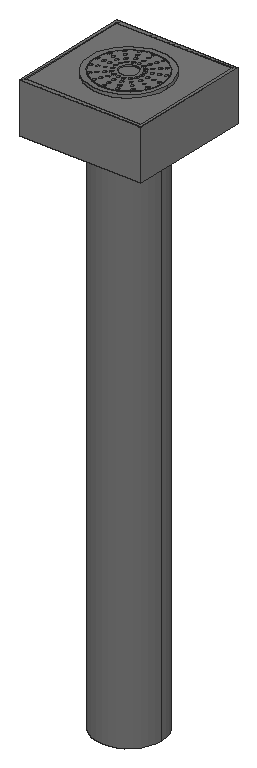
Revit family "Civil_Drainage_ACO_StormBrixx_Additional_Inspection_Point wm", category Generic Models, Revit 2013
Parameters
  piping = ACO_Plastic_Black
  e-mail technical = "technical@aco.co.uk"
  e-mail Sales = "customersupport@aco.co.uk"
  Watermarked With = "BIM Manager Premium Suite"
  Watermarked By = "www.aco.co.uk"
  Watermark 1 = "This file is the property of ACO Technologies PLC"
  Watermark 2 = "This file is water marked and users are prohibited to reproduce, adapt, distribute this information"
  Manufacturer Address = "ACO Business Park, Hitchin Road, Shefford, Bedfordshire, SG17 5TE, United Kingdom"
  Inspection Cover Weight (kg) = 52
  URL = "www.aco.co.uk"
  Type Comments = Model  # "Inspection Point Module"
  Telephone = "+44 (0)1462 816666"
  Inspection Cover Recycled Material Content = "Between 40% - 90%"
  Inspection Cover Recyclable = "Fully Recyclable"
  Product Website = "www.stormbrixx.co.uk"
  Product Type = "Stormwater attenuation & infiltration"
  Product Range = "ACO StormBrixx"
  Inspection Cover Product Code = "314045"
  Model = "Inspection Point Module"
  Inspection Cover Material = "Ductile Iron"
  Manufacturer = "ACO Technologies plc"
  Maintenance Guidelines = "http://www.aco.co.uk/download.php?id=493"
  Length = 600 mm
  Keynote = "R17:315"
  Installation Guidelines = "http://www.aco.co.uk/download.php?id=493"
  Inspection Cover Dimensions = "410mm x 410mm x 180mm (L x W x H)"
  Inspection Cover Colour = "Black"
  Inspection Connector Weight (kg) = 2.5
  Inspection Connector Recycled Material Content = "0%"
  Inspection Connector Recyclable = "Fully Recyclable"
  Inspection Connector Product Code = 27018
  Inspection Connector Material = "Polypropylene"
  Height [instance] = 2000 mm
  Fax = "+44 (0)1462 815895"
  Inspection Connector Dimensions = "600mm x 600mm x 200mm (L x W x H)"
  Distributed by = "www.aco.co.uk"
  Description = "Inspection Point Module"
  Depth = 180 mm
  Current Revision = 1
  Cost = 0
  Inspection Connector Colour = "Black"
  Assembly Code = "D2090300"
Reference planes
  plane 1 "Center (Front/Back)": y = 0
  plane 2: z = 0
  plane 3 "Center (Left/Right)": x = 0
  plane 4: y = 300
  plane 5: y = -300
  plane 6: x = -300
  plane 7: x = 300
  plane 8: z = -2000
  plane 9: z = -180
  plane 10: z = -10
  plane 11: z = -35
Forms (mm)
  Extrusion 1, solid, material "ACO_Ductile_IRON"
    sketch origin (0, 0, 0) x (1, 0, 0) y (0, 1, 0)
      loop
        line (-205, 205) -> (-205, -205) -> (205, -205) -> (205, 205) -> (-205, 205)
    from -180 to -10
  Extrusion 2, solid, material "ACO_Ductile_IRON"
    sketch origin (0, 0, 0) x (1, 0, 0) y (0, 1, 0)
      loop
        circle (0, 0) r 112.5
    from -35 to 0
  Extrusion 3, solid, material "ACO_Ductile_IRON"
    sketch origin (0, 0, 0) x (1, 0, 0) y (0, 1, 0)
      loop
        circle (0, 0) r 130.5
      loop
        circle (0, 0) r 113.53
    from 0 to -10
  Extrusion 4, void, detail levels medium+fine
    sketch origin (0, 0, 0) x (0, 1, 0) y (1, 0, 0)
      loop
        circle (104.746, 0) r 5
      loop
        circle (84.746, 0) r 5
      loop
        circle (64.746, 0) r 5
      loop
        circle (44.746, 0) r 5
      loop
        circle (0, 0) r 30
      loop
        circle (0, -104.746) r 5
      loop
        circle (0, -84.746) r 5
      loop
        circle (0, -64.746) r 5
      loop
        circle (0, -44.746) r 5
      loop
        circle (-104.746, 0) r 5
      loop
        circle (-84.746, 0) r 5
      loop
        circle (-64.746, 0) r 5
      loop
        circle (-44.746, 0) r 5
      loop
        circle (0, 104.746) r 5
      loop
        circle (0, 84.746) r 5
      loop
        circle (0, 64.746) r 5
      loop
        circle (0, 44.746) r 5
      loop
        circle (74.067, 74.067) r 5
      loop
        circle (59.924, 59.924) r 5
      loop
        circle (45.782, 45.782) r 5
      loop
        circle (31.64, 31.64) r 5
      loop
        circle (96.773, 40.085) r 5
      loop
        circle (78.295, 32.431) r 5
      loop
        circle (59.817, 24.777) r 5
      loop
        circle (41.34, 17.124) r 5
      loop
        circle (40.085, 96.773) r 5
      loop
        circle (32.431, 78.295) r 5
      loop
        circle (24.777, 59.817) r 5
      loop
        circle (17.124, 41.34) r 5
      loop
        circle (74.067, -74.067) r 5
      loop
        circle (59.924, -59.924) r 5
      loop
        circle (45.782, -45.782) r 5
      loop
        circle (31.64, -31.64) r 5
      loop
        circle (96.773, -40.085) r 5
      loop
        circle (78.295, -32.431) r 5
      loop
        circle (59.817, -24.777) r 5
      loop
        circle (41.34, -17.124) r 5
      loop
        circle (40.085, -96.773) r 5
      loop
        circle (32.431, -78.295) r 5
      loop
        circle (24.777, -59.817) r 5
      loop
        circle (17.124, -41.34) r 5
      loop
        circle (-74.067, -74.067) r 5
      loop
        circle (-59.924, -59.924) r 5
      loop
        circle (-45.782, -45.782) r 5
      loop
        circle (-31.64, -31.64) r 5
      loop
        circle (-96.773, -40.085) r 5
      loop
        circle (-78.295, -32.431) r 5
      loop
        circle (-59.817, -24.777) r 5
      loop
        circle (-41.34, -17.124) r 5
      loop
        circle (-40.085, -96.773) r 5
      loop
        circle (-32.431, -78.295) r 5
      loop
        circle (-24.777, -59.817) r 5
      loop
        circle (-17.124, -41.34) r 5
      loop
        circle (-74.067, 74.067) r 5
      loop
        circle (-59.924, 59.924) r 5
      loop
        circle (-45.782, 45.782) r 5
      loop
        circle (-31.64, 31.64) r 5
      loop
        circle (-96.773, 40.085) r 5
      loop
        circle (-78.295, 32.431) r 5
      loop
        circle (-59.817, 24.777) r 5
      loop
        circle (-41.34, 17.124) r 5
      loop
        circle (-40.085, 96.773) r 5
      loop
        circle (-32.431, 78.295) r 5
      loop
        circle (-24.777, 59.817) r 5
      loop
        circle (-17.124, 41.34) r 5
    from 0 to 1
  Extrusion 5, solid, material "ACO_Plastic_Black" <- "piping"
    sketch origin (0, 0, 0) x (1, 0, 0) y (0, 1, 0)
      loop
        circle (0, 0) r 112.5
    from -2000 to -180
  Extrusion 6, solid, material "ACO_Ductile_IRON"
    sketch origin (0, 0, 0) x (1, 0, 0) y (0, 1, 0)
      loop
        line (-205, 205) -> (-205, -205) -> (205, -205) -> (205, 205) -> (-205, 205)
      loop
        line (-197, 197) -> (-197, -197) -> (197, -197) -> (197, 197) -> (-197, 197)
    from -10 to -9
Cuts and joins
  Extrusion 4 cuts Extrusion 1
  Extrusion 4 cuts Extrusion 3
  joined: Extrusion 1, Extrusion 3
  Extrusion 4 cuts Extrusion 2
Dimensions and locks
  equal spacing: plane 6, plane 3 "Center (Left/Right)", plane 7
  "Length": plane 6 to plane 7
  equal spacing: plane 4, plane 1 "Center (Front/Back)", plane 5
  "Length": plane 5 to plane 4
  "Height": plane 2 to plane 8
  "Depth": plane 2 to plane 9
  locked: plane 2 to plane 10 at 10
  locked: plane 2 to plane 11 at 35
  aligned and locked: level to plane 2
  aligned and locked: Extrusion 1 sketch curve to Extrusion 6  (x4)
  aligned and locked: Extrusion 5 to plane 8
  aligned and locked: plane 9 to Extrusion 5
  aligned and locked: cut or joined group of Extrusion 1, Extrusion 3, Extrusion 4 to plane 9
  aligned and locked: plane 10 to cut or joined group of Extrusion 1, Extrusion 3, Extrusion 4
  aligned and locked: cut or joined group of Extrusion 2, Extrusion 4 to plane 11
  aligned and locked: plane 2 to cut or joined group of Extrusion 2, Extrusion 4
  aligned and locked: cut or joined group of Extrusion 1, Extrusion 3, Extrusion 4 to plane 10
  aligned and locked: plane 2 to cut or joined group of Extrusion 1, Extrusion 3, Extrusion 4
Automatic sketch dimensions
  plane 1 "Center (Front/Back)" to Extrusion 2 sketch curve = 0 mm
  Extrusion 2 sketch curve to plane 3 "Center (Left/Right)" = 0 mm
  Extrusion 4 sketch curve to Extrusion 4 sketch curve = 17.124 mm  (x11)
  Extrusion 4 sketch curve to Extrusion 4 sketch curve = 7.654 mm  (x24)
  Extrusion 4 sketch curve to Extrusion 4 sketch curve = 14.517 mm  (x8)
  Extrusion 4 sketch curve to Extrusion 4 sketch curve = 9.7 mm  (x8)
  Extrusion 4 sketch curve to Extrusion 4 sketch curve = 3.406 mm  (x4)
  Extrusion 4 sketch curve to Extrusion 4 sketch curve = 14.142 mm  (x24)
  Extrusion 4 sketch curve to Extrusion 4 sketch curve = 18.478 mm  (x24)
  Extrusion 4 sketch curve to Extrusion 4 sketch curve = 20 mm  (x12)
  Extrusion 4 sketch curve to Extrusion 4 sketch curve = 0 mm  (x10)
  Extrusion 4 sketch curve to Extrusion 4 sketch curve = 40.085 mm  (x2)
  Extrusion 4 sketch curve to Extrusion 4 sketch curve = 7.973 mm
  Extrusion 3 sketch curve to Extrusion 3 sketch curve = 0 mm  (x2)
  plane 1 "Center (Front/Back)" to Extrusion 3 sketch curve = 0 mm
  Extrusion 3 sketch curve to plane 3 "Center (Left/Right)" = 0 mm
  plane 1 "Center (Front/Back)" to Extrusion 5 sketch curve = 0 mm
  Extrusion 5 sketch curve to plane 3 "Center (Left/Right)" = 0 mm
  Extrusion 6 sketch curve to Extrusion 6 sketch curve = 410 mm  (x2)
  Extrusion 6 sketch curve to Extrusion 6 sketch curve = 8 mm  (x4)
  radius of Extrusion 2 sketch curve = 112.5 mm
  radius of Extrusion 4 sketch curve to Extrusion 2 = 82.5 mm
  radius of Extrusion 4 sketch curve = 5 mm  (x64)
  radius of Extrusion 3 sketch curve = 130.5 mm
  radius of Extrusion 3 sketch curve = 113.53 mm
  radius of Extrusion 5 sketch curve = 112.5 mm
